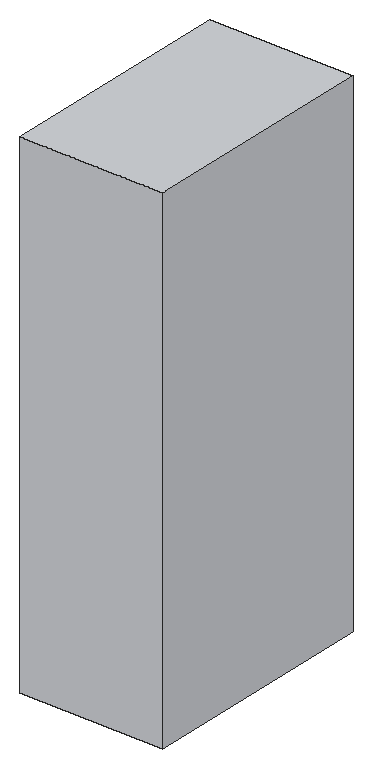
Revit family "機廠行政大樓_通訊SCADA室_伺服器機櫃_600x1000x2100", category 電氣設備, Revit 2025
Family settings
  面板規劃 = 兩欄，回路穿越
  圓形接點標註 = 使用直徑
  組件類型 = 分電盤
  OmniClass 編號 = 23.80.30.11.17
  OmniClass 標題 = Distribution Boards and Control Panels
  以工作平面為基礎 = 否
  總是垂直 = 是
  載入時使用空心切割 = 否
  維持標註方位 = 否
  共用 = 否
  房間計算點 = 否
Parameters (values of type "伺服器與網路機櫃")
  built-in parameter 1155100 [instance] = -1
  Default Elevation = 0 mm
  built-in parameter 1140142 [instance] = -1
  SCADA_高mm [instance] = "2100"
  SCADA_附錄F項次 [instance] = "11"
  SCADA_附錄D項次 [instance] = "1"
  SCADA_編號 [instance] = "DEP-ADM-TEL-SRV-01"
  SCADA_站點 [instance] = "社后機廠"
  SCADA_深mm [instance] = "1000"
  SCADA_機櫃類型 [instance] = "伺服器與網路機櫃"
  SCADA_期別 [instance] = "共用"
  SCADA_房間 [instance] = "通訊 SCADA 設備室"
  SCADA_建物 [instance] = "行政大樓"
  SCADA_尺寸 [instance] = "600W×1000D×2100H"
  SCADA_寬mm [instance] = "600"
  SCADA_定位來源 [instance] = "獨立設備族群（載入專案後定位）"
  SCADA_備註 [instance] = ""
  SCADA_來源文件 [instance] = "Installation SoW_V6（Rev.006, 2026-07-02）附錄 D / F；依原文顏色標示排除已刪除項目"
  SCADA_UPS電源110V [instance] = "雙 UPS 電源（2×6000VA）"
  built-in parameter 1140140 [instance] = 1 (stored number, unit not read)
Reference planes
  plane 1 "中心 (前/後)": y = 0
  plane 2: z = 0
  plane 3 "中心 (左/右)": x = 0
Forms (mm)
  Extrusion 1, solid
    sketch origin (0, 0, 0) x (1, 0, 0) y (0, 1, 0)
      loop
        line (-300, -500) -> (300, -500) -> (300, 500) -> (-300, 500) -> (-300, -500)
    from 0 to 2100
Lines and regions (mm)
  symbolic lines, style "開門線"
    curve 1: line (300, -500, 0) -> (300, -1100, 0)
    curve 2: arc (-300, -500, 0) -> (-124.264, -924.264, 0) -> (300, -1100, 0) r 600
    curve 3: line (-300, 500, 0) -> (-300, 1100, 0)
    curve 4: arc (300, 500, 0) -> (124.264, 924.264, 0) -> (-300, 1100, 0) r 600
Dimensions and locks
  aligned and locked: level to plane 2
